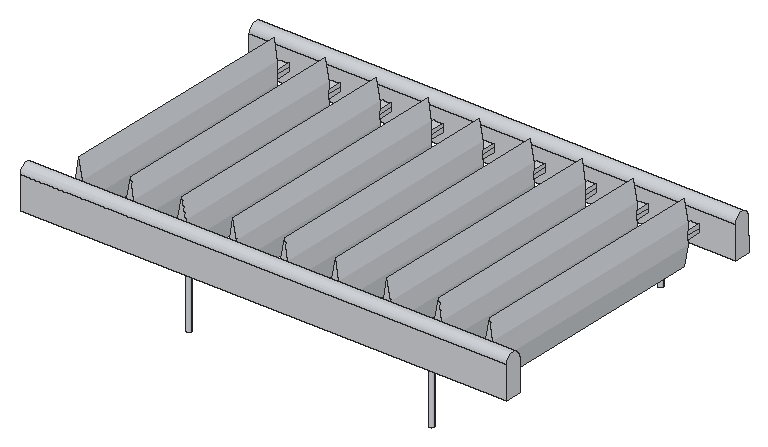
Revit family "Sistema parasole", category Generic Models, host Face, Revit 2014
Parameters
  numero [instance] = 4
  Perni [instance] = Altezza sistema / 900 mm  # 2
  Numero alette [instance] = Altezza sistema / Distanza alette  # 9
  Larghezza parasole [instance] = 1060 mm
  Distanza dalla vetrata = 200 mm
  Distanza alette = 200 mm
  Default Elevation = 1219.2 mm
  Altezza sistema [instance] = 1800 mm
Reference planes
  plane 1 "Center (Front/Back)": y = 0
  plane 2: z = 0
  plane 3 "Center (Left/Right)": x = 0
  plane 4 "Congiunzione colonna - perno": z = 200
  plane 5 "Allineamento parasole 2": z = 260
  plane 6: x = -1800
  plane 7: y = 68.296
  plane 8: y = -991.704
  plane 9: y = -961.704
Dimensions and locks
  plane 4 "Congiunzione colonna - perno" to plane 5 "Allineamento parasole 2" = 60 mm
  equal spacing: group 11, group 10, group 7, group 6, group 5, group 4, group 3, group 2, group 1
  equal spacing: group 1, group 2, group 3, group 4, group 5, group 6, group 7, group 10, group 11  (x2)
  "Altezza sistema": plane 3 "Center (Left/Right)" to plane 6
  group 9 to group 8 = 899.95 mm
  group 8 to group 9 = 0 mm  (x2)
  nested 9 to nested 10 = 899.95 mm
  group 14 to group 12 = 899.95 mm
  group 12 to group 14 = 0 mm  (x2)
  "Larghezza parasole": plane 7 to plane 8
  aligned and locked: plane 2 to host face
  aligned and locked: level to host face
  aligned and locked: plane 6 to nested 1
Automatic sketch dimensions
  host sketch curve to host sketch curve = 2438.4 mm  (x2)
Nested families
  nested 1: "Colonna parasole" at (-700, 68.296, 200), Altezza <- "Altezza sistema", type "Colonna parasole"
    with Altezza 1800 mm
  nested 2: "Aletta parasole" at (-150, 38.296, -251.317), type "Aletta parasole"
    with Larghezza totale 1000 mm, Larghezza aletta 900 mm
  nested 3: "Aletta parasole" at (-340, 38.296, -251.317), type "Aletta parasole"
    with Larghezza totale 1000 mm, Larghezza aletta 900 mm
  nested 4: "Aletta parasole" at (-530, 38.296, -251.317), type "Aletta parasole"
    with Larghezza totale 1000 mm, Larghezza aletta 900 mm
  nested 5: "Aletta parasole" at (-720, 38.296, -251.317), type "Aletta parasole"
    with Larghezza totale 1000 mm, Larghezza aletta 900 mm
  nested 6: "Aletta parasole" at (-910, 38.296, -251.317), type "Aletta parasole"
    with Larghezza totale 1000 mm, Larghezza aletta 900 mm
  nested 7: "Aletta parasole" at (-1100, 38.296, -251.317), type "Aletta parasole"
    with Larghezza totale 1000 mm, Larghezza aletta 900 mm
  nested 8: "Aletta parasole" at (-1290, 38.296, -251.317), type "Aletta parasole"
    with Larghezza totale 1000 mm, Larghezza aletta 900 mm
  nested 9: "Perno colonna parasole" at (-300, 68.296, 0), type "Perno colonna parasole"
  nested 10: "Perno colonna parasole" at (-1199.95, 68.296, 0), type "Perno colonna parasole"
  nested 11: "Aletta parasole" at (-1480, 38.296, -251.317), type "Aletta parasole"
    with Larghezza totale 1000 mm, Larghezza aletta 900 mm
  nested 12: "Aletta parasole" at (-1670, 38.296, -251.317), type "Aletta parasole"
    with Larghezza totale 1000 mm, Larghezza aletta 900 mm
  nested 13: "Colonna parasole" at (-700, -991.704, 200), Altezza <- "Altezza sistema", type "Colonna parasole"
    with Altezza 1800 mm
  nested 14: "Perno colonna parasole" at (-300, -991.704, 0), type "Perno colonna parasole"
  nested 15: "Perno colonna parasole" at (-300, 68.296, 0), type "Perno colonna parasole", not visible
  nested 16: "Perno colonna parasole" at (-1199.95, -991.704, 0), type "Perno colonna parasole"
Definition of nested family "Colonna parasole"
  Parameters (values of type "Colonna parasole")
    Profondità totale = 150 mm
    Profondità dritta = Profondità totale - Curvatura frontale  # 120 mm
    Larghezza = 60 mm
    Default Elevation = 1219.2 mm
    Curvatura frontale = 30 mm
    Altezza [instance] = 1200 mm
  Reference planes
    plane 1 "Center (Front/Back)": y = 0
    plane 2: z = 0
    plane 3 "Center (Left/Right)": x = 0
    plane 4: x = 700
    plane 5: x = -500
    plane 6: z = 120
  Forms (mm)
    Extrusion 1, solid
      sketch origin (0, 0, 0) x (1, 0, 0) y (0, 1, 0)
        loop
          line (-1219.2, 1219.2) -> (-1219.2, -1219.2) -> (1219.2, -1219.2) -> (1219.2, 1219.2) -> (-1219.2, 1219.2)
      from 0 to -304.8
    Extrusion 2, solid
      sketch origin (0, 0, 0) x (0, 1, 0) y (0, 0, 1)
        loop
          line (30, 0) -> (30, 120)
          arc (30, 120) -> (0, 150) -> (-30, 120) r 30
          line (-30, 120) -> (-30, 0) -> (30, 0)
      from -500 to 700
  Dimensions and locks
    "Larghezza": Extrusion 2 to Extrusion 2
    "Profondità dritta": plane 6 to Extrusion 1
    "Altezza": plane 4 to plane 5
    "Curvatura frontale": radius of Extrusion 2
    aligned and locked: plane 2 to Extrusion 1
    aligned and locked: level to Extrusion 1
    aligned and locked: Extrusion 2 to plane 5
    aligned and locked: plane 6 to Extrusion 2 sketch curve  (x2)
    aligned and locked: plane 4 to Extrusion 2
  Automatic sketch dimensions
    Extrusion 1 sketch curve to Extrusion 1 sketch curve = 2438.4 mm  (x2)
    Extrusion 2 sketch curve to level = 0 mm
    Extrusion 2 sketch curve to plane 1 "Center (Front/Back)" = 0 mm
    plane 1 "Center (Front/Back)" to Extrusion 2 sketch curve = 30 mm
Definition of nested family "Aletta parasole"
  Parameters (values of type "Aletta parasole")
    perno = Acciaio
    Larghezza totale [instance] = 1000 mm
    Larghezza perno = 50 mm
    Larghezza aletta [instance] = Larghezza totale - (Larghezza perno * 2)  # 900 mm
    Aletta = Alluminio
  Reference planes
    plane 1 "Center (Front/Back)": y = 0
    plane 2: z = 0
    plane 3 "Center (Left/Right)": x = 0
    plane 4: y = -950
    plane 5: y = -1000
    plane 6: z = 511.317
    plane 7: y = -50
  Forms (mm)
    Extrusion 1, solid
      sketch origin (0, 0, 0) x (1, 0, 0) y (0, 0, 1)
        loop
          line (15, 511.317) -> (15, 526.317) -> (-15, 526.317) -> (-15, 496.317) -> (15, 496.317) -> (15, 511.317)
      from 0 to 50
    Extrusion 2, solid
      sketch origin (0, -770, 0) x (1, 0, 0) y (0, 0, 1)
        loop
          line (15, 511.317) -> (15, 526.317) -> (-15, 526.317) -> (-15, 496.317) -> (15, 496.317) -> (15, 511.317)
      from 180 to 230
    Extrusion 3, solid
      sketch origin (0, 0, 0) x (1, 0, 0) y (0, 0, 1)
        loop
          arc (0, 626.317) -> (-15.007, 513.817) -> (0, 401.317) r 429.174
          arc (0, 401.317) -> (15.007, 513.817) -> (0, 626.317) r 429.174
      from 50 to 950
  Dimensions and locks
    "Larghezza perno": plane 1 "Center (Front/Back)" to plane 7
    "Larghezza aletta": plane 7 to plane 4
    "Larghezza perno": plane 4 to plane 5
    "Larghezza totale": plane 1 "Center (Front/Back)" to plane 5
    Extrusion 2 to Extrusion 2 = 30 mm
    aligned and locked: level to plane 2
    aligned and locked: plane 5 to Extrusion 2
    aligned and locked: Extrusion 2 to plane 4
    aligned and locked: plane 4 to Extrusion 3
    aligned and locked: Extrusion 3 to plane 7
    aligned and locked: plane 7 to Extrusion 1
    aligned and locked: Extrusion 1 to plane 1 "Center (Front/Back)"
  Automatic sketch dimensions
    Extrusion 1 sketch curve to plane 6 = 0 mm
    Extrusion 1 sketch curve to plane 3 "Center (Left/Right)" = 15 mm
    plane 3 "Center (Left/Right)" to Extrusion 1 sketch curve = 15 mm
    Extrusion 1 sketch curve to plane 6 = 15 mm
    plane 6 to Extrusion 1 sketch curve = 15 mm
    Extrusion 2 sketch curve to plane 6 = 0 mm
    Extrusion 2 sketch curve to plane 3 "Center (Left/Right)" = 15 mm
    plane 3 "Center (Left/Right)" to Extrusion 2 sketch curve = 15 mm
    Extrusion 2 sketch curve to plane 6 = 15 mm
    plane 6 to Extrusion 2 sketch curve = 15 mm
    Extrusion 3 sketch curve to plane 3 "Center (Left/Right)" = 0 mm  (x2)
    plane 6 to Extrusion 3 sketch curve = 2.5 mm
    Extrusion 3 sketch curve to plane 3 "Center (Left/Right)" = 414.167 mm
    plane 3 "Center (Left/Right)" to Extrusion 3 sketch curve = 414.167 mm
    Extrusion 3 sketch curve to plane 6 = 110 mm
Definition of nested family "Perno colonna parasole"
  Parameters (values of type "Perno colonna parasole")
    Diametro = 40 mm
    Altezza perno = 200 mm
  Reference planes
    plane 1 "Center (Front/Back)": y = 0
    plane 2: z = 0
    plane 3 "Center (Left/Right)": x = 0
    plane 4: z = 200
  Forms (mm)
    Extrusion 1, solid
      sketch origin (0, 0, 0) x (1, 0, 0) y (0, 1, 0)
        loop
          circle (0, 0) r 10
      from 0 to 200
  Dimensions and locks
    "Altezza perno": level to plane 4
    diameter of Extrusion 1 = 20 mm
    aligned and locked: level to plane 2
    aligned and locked: Extrusion 1 to plane 2
    aligned and locked: plane 4 to Extrusion 1
  Automatic sketch dimensions
    plane 1 "Center (Front/Back)" to Extrusion 1 sketch curve = 0 mm
    Extrusion 1 sketch curve to plane 3 "Center (Left/Right)" = 0 mm
    radius of Extrusion 1 sketch curve = 10 mm
